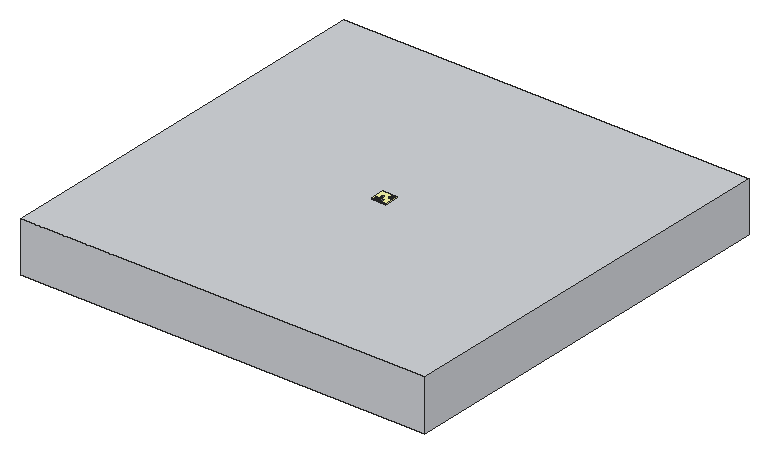
Revit family "EP_15A Single Switch Socket", category Electrical Fixtures, host Face, Revit 2013
Parameters
  Voltage = 230 V
  Socket = Socket
  Load Classification = Single Socket
  Load = 200 W
  Glass = Glass Red
  Default Elevation = 1200 mm
Reference planes
  plane 1 "Center (Front/Back)": y = 0
  plane 2: z = 0
  plane 3 "Center (Left/Right)": x = 0
  plane 4: x = -43
  plane 5: x = 43
  plane 6: y = 43
  plane 7: y = -43
  plane 8 "Switch": z = 8
Forms (mm)
  Extrusion 1, solid
    sketch origin (0, 0, 0) x (1, 0, 0) y (0, 1, 0)
      loop
        line (-1219.2, 1219.2) -> (-1219.2, -1219.2) -> (1219.2, -1219.2) -> (1219.2, 1219.2) -> (-1219.2, 1219.2)
    from 0 to -304.8
  Extrusion 2, solid, material "Face Plate"
    sketch origin (0, 0, 0) x (1, 0, 0) y (0, 1, 0)
      loop
        line (-43, -43) -> (43, -43) -> (43, 43) -> (-43, 43) -> (-43, -43)
    from 0 to 8
  Extrusion 3, solid, material "Socket" <- "Socket"
    sketch origin (0, 39.084, 0) x (0, -1, 0) y (0, 0, -1)
      loop
        line (6.07, -8) -> (27.984, -13.464) -> (27.984, -8) -> (6.07, -8)
    from 20 to 33
  Extrusion 4, void
    sketch origin (0, 0, 0) x (1, 0, 0) y (0, 1, 0)
      loop
        line (20, 11.1) -> (33, 11.1) -> (33, 33.014) -> (20, 33.014) -> (20, 11.1)
      loop
        line (18, 35.014) -> (18, 9.1) -> (35, 9.1) -> (35, 35.014) -> (18, 35.014)
    from 7.5 to 8
  Extrusion 5, solid, material "Socket" <- "Socket"
    sketch origin (0, 0, 0) x (1, 0, 0) y (0, 1, 0)
      loop
        line (-33, -33) -> (13, -33) -> (13, -21) -> (-5, -21) -> (-5, 5) -> (-15, 5) -> (-15, -21) -> (-33, -21) -> (-33, -33)
    from 8 to 9
  Extrusion 6, void
    sketch origin (0, 0, 0) x (1, 0, 0) y (0, 1, 0)
      loop
        line (-12, 0.984) -> (-12, -11) -> (-8, -11) -> (-8, 0.984) -> (-12, 0.984)
    from 0 to 9
  Extrusion 7, void
    sketch origin (0, 0, 0) x (1, 0, 0) y (0, 1, 0)
      loop
        line (-27, -24.618) -> (-27, -29) -> (-15, -29) -> (-15, -24.618) -> (-27, -24.618)
    from 0 to 9
  Extrusion 8, void
    sketch origin (-20, 0, 0) x (-1, 0, 0) y (0, -1, 0)
      loop
        line (-27, 24.618) -> (-15, 24.618) -> (-15, 29) -> (-27, 29) -> (-27, 24.618)
    from 0 to 9
Cuts and joins
  Extrusion 4, Extrusion 6, Extrusion 7, Extrusion 8 cuts Extrusion 2
  Extrusion 6, Extrusion 7, Extrusion 8 cuts Extrusion 5
Lines and regions (mm)
  model lines
    curve 1: line (-12, 0.984, 0) -> (-12, -11, 0)
    curve 2: line (-8, 0.984, 0) -> (-12, 0.984, 0)
    curve 3: line (-8, -11, 0) -> (-8, 0.984, 0)
    curve 4: line (-12, -11, 0) -> (-8, -11, 0)
    curve 5: line (-15, -24.618, 0) -> (-27, -24.618, 0)
    curve 6: line (-27, -24.618, 0) -> (-27, -29, 0)
    curve 7: line (-27, -29, 0) -> (-15, -29, 0)
    curve 8: line (-15, -29, 0) -> (-15, -24.618, 0)
Dimensions and locks
  plane 4 to plane 3 "Center (Left/Right)" to plane 5 = 43 mm, 43 mm
  aligned and locked: plane 2 to Extrusion 1
  aligned and locked: level to Extrusion 1
Nested families
  nested 1: "EP_SSO_15" at (0, 0, 0), type "EP_SSO_15"
Connectors
  electrical at (0, 0, 0), driven by "Voltage", driven by "Load", driven by "Load Classification"
    settings: on cut or joined group of Extrusion 2, Extrusion 4, Extrusion 6, Extrusion 7, Extrusion 8, index 1, voltage 230 V, apparent load 0 W, apparent load phase1 200 W, apparent load phase2 0 W, apparent load phase3 0 W, power factor 1, load classification "Single Socket", number of poles 1, system type 31, power factor state 1, is connector primary yes, connector utility no, sub classification motor no, connector description ""
Definition of nested family "EP_SSO_15"
  Reference planes
    plane 1: y = 0
    plane 2: x = 0
  Lines and regions (mm)
    Filled region 1, type "Filled region 1"
      outline origin (0, 0, 0) x (1, 0, 0) y (0, 1, 0)
        loop
          line (-1.494, 0) -> (1.506, 0)
          arc (1.506, 0) -> (0.006, 1.5) -> (-1.494, 0) r 1.5
    detail lines, style "Power Symbols"
      curve 1: line (0, 1.5, 0) -> (0, 2.75, 0)
      curve 2: line (-0.5, 2.235, 0) -> (0.5, 2.235, 0)
